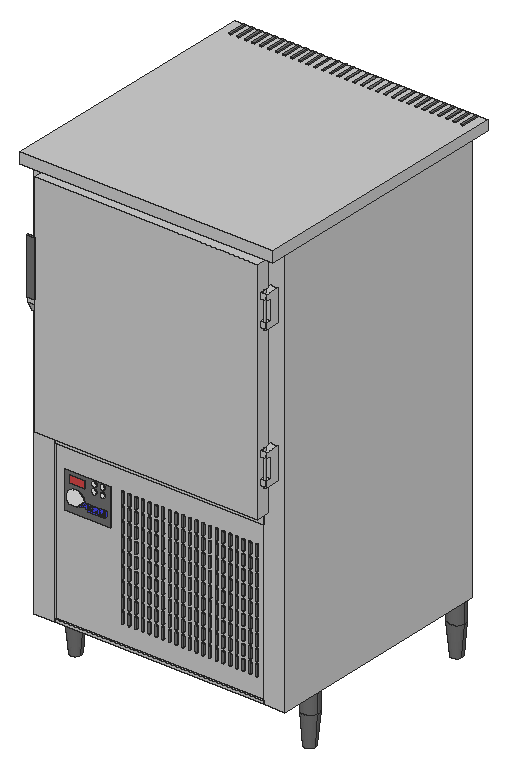
Revit family "QF_ACFRI_RS25-RL.190709092719", category Specialty Equipment, Revit 2016 (continued)
Definition of nested family "QF_ACFRI_RS25-RL_230V_1Ph_50Hz"
  Forms (mm)
    Extrusion 5, solid
      sketch origin (0, -746.05, -119.991) x (1, 0, 0) y (0, 0, 1)
        loop
          line (561.229, 494.546) -> (561.229, 467.546)
          arc (561.229, 467.546) -> (564.729, 464.046) -> (568.229, 467.546) r 3.5
          line (568.229, 467.546) -> (568.229, 494.546)
          arc (568.229, 494.546) -> (564.729, 498.046) -> (561.229, 494.546) r 3.5
        loop
          line (581.229, 494.546) -> (581.229, 467.546)
          arc (581.229, 467.546) -> (584.729, 464.046) -> (588.229, 467.546) r 3.5
          line (588.229, 467.546) -> (588.229, 494.546)
          arc (588.229, 494.546) -> (584.729, 498.046) -> (581.229, 494.546) r 3.5
        loop
          line (601.229, 494.546) -> (601.229, 467.546)
          arc (601.229, 467.546) -> (604.729, 464.046) -> (608.229, 467.546) r 3.5
          line (608.229, 467.546) -> (608.229, 494.546)
          arc (608.229, 494.546) -> (604.729, 498.046) -> (601.229, 494.546) r 3.5
        loop
          line (621.229, 494.546) -> (621.229, 467.546)
          arc (621.229, 467.546) -> (624.729, 464.046) -> (628.229, 467.546) r 3.5
          line (628.229, 467.546) -> (628.229, 494.546)
          arc (628.229, 494.546) -> (624.729, 498.046) -> (621.229, 494.546) r 3.5
        loop
          line (641.229, 494.546) -> (641.229, 467.546)
          arc (641.229, 467.546) -> (644.729, 464.046) -> (648.229, 467.546) r 3.5
          line (648.229, 467.546) -> (648.229, 494.546)
          arc (648.229, 494.546) -> (644.729, 498.046) -> (641.229, 494.546) r 3.5
        loop
          line (661.229, 494.546) -> (661.229, 467.546)
          arc (661.229, 467.546) -> (664.729, 464.046) -> (668.229, 467.546) r 3.5
          line (668.229, 467.546) -> (668.229, 494.546)
          arc (668.229, 494.546) -> (664.729, 498.046) -> (661.229, 494.546) r 3.5
      from 0 to 2
    Extrusion 6, solid
      sketch origin (-327.449, -51.57, -49) x (1, 0, 0) y (0, 0, 1)
        loop
          circle (377.449, 99) r 5
      from 0 to 5
    Extrusion 7, solid
      sketch origin (686.444, 0, -150) x (0, 1, 0) y (0, 0, 1)
        loop
          line (-56.57, 1373.957) -> (-752.05, 1373.957) -> (-752.05, 150) -> (-56.57, 150) -> (-56.57, 1373.957)
      from 3.267 to 65.187
    Extrusion 8, solid
      sketch origin (0, 0, -51) x (0, 1, 0) y (0, 0, 1)
        loop
          line (-752.05, 1274.957) -> (-752.05, 1228.517) -> (-126.332, 1228.517) -> (-126.332, 593.419) -> (-752.05, 593.419) -> (-752.05, 531.284) -> (-747.05, 531.284) -> (-747.05, 61) -> (-752.05, 61) -> (-752.05, 51) -> (-56.57, 51) -> (-56.57, 1274.957) -> (-752.05, 1274.957)
      from 65.187 to 689.711
  Lines and regions (mm)
    symbolic lines
      curve 1: line (0, 0, 0) -> (755, 0, 0)
      curve 2: line (0, -800, 0) -> (0, 0, 0)
      curve 3: line (755, -800, 0) -> (0, -800, 0)
      curve 4: line (755, 0, 0) -> (755, -800, 0)
  Dimensions and locks
    plane 3 "Left" to plane 4 "Right" = 755 mm
    plane 5 "Front" to plane 1 "Back" = 800 mm
    plane 6 "Top" to level = 1254.917 mm
    aligned and locked: level to plane 2
  Connectors
    electrical at (50, -51.57, 50)
      settings: on Extrusion 6, index 1, voltage 0 V, apparent load 0 VA, apparent load phase1 0 VA, apparent load phase2 0 VA, apparent load phase3 0 VA, power factor 1, load classification none, number of poles 1, system type 31, power factor state 1, is connector primary yes, connector utility no, sub classification motor no, connector description "Electrical connection"
Definition of nested family "QF_ACFRI_RS25_30_40_DOOR_RX"
  Parameters (values of type "RS25_30_40_DOOR_RX")
    URL catalogue [instance] = ""
    URL = "www.acfri.com"
    Status [instance] = ""
    Spécification technique [instance] = ""
    Spécification du Fabricant [instance] = ""
    Spécification de l'Utilisateur [instance] = ""
    Show Logo [instance] = yes
    Show Clearance [instance] = yes
    SMACNA No spécifique pour les matériaux  Etats Unis [instance] = ""
    Quantité par lot [instance] = no
    Profondeur hors tout [instance] = 40 mm
    Poids net à vide [instance] = 0.00 kg
    Numéro de Série [instance] = ""
    Nombre d'identification NAFEM [instance] = ""
    Model = "RS25_30_40_DOOR_RX"
    Manufacturer = "ACFRI"
    Longueur hors tout [instance] = 699 mm
    Installé Par [instance] = ""
    Identifiant Equipement [instance] = no
    Hauteur hors tout [instance] = 680 mm
    Fournis Par [instance] = ""
    Description = "PORTE AVEC OUVERTURE DROITE"
    Cost = 0
    Code de Révision [instance] = ""
    Classification dans le projet [instance] = ""
    Classement sismique [instance] = ""
    Assembly Code = "E1090320"
    Accessoires [instance] = yes
  Reference planes
    plane 1 "Back": y = 0
    plane 2: z = 0
    plane 3 "Left": x = 0
    plane 4 "Right": x = 755
    plane 5 "Front": y = -800
    plane 6 "Top": z = 1254.917
  Forms (mm)
    Extrusion 1, solid
      sketch origin (0, -100, 372.879) x (1, 0, 0) y (0, 0, 1)
        loop
          line (44.706, 830.129) -> (44.706, 149.234) -> (710.163, 149.234) -> (710.163, 830.129) -> (44.706, 830.129)
      from 662.15 to 699.95
    Extrusion 2, solid
      sketch origin (0, -100, 372.879) x (0, 1, 0) y (0, 0, 1)
        loop
          line (-693, 736.96) -> (-678, 736.96) -> (-678, 677.386) -> (-693, 677.386) -> (-693, 660.173) -> (-652, 660.173) -> (-652, 754.173) -> (-693, 754.173) -> (-693, 736.96)
      from 711.246 to 729.246
    Extrusion 3, solid
      sketch origin (0, -100, 372.879) x (1, 0, 0) y (0, 1, 0)
        loop
          circle (720.083, -687.465) r 3
      from 656.173 to 760.173
    Extrusion 4, solid
      sketch origin (0, -100, -49.121) x (0, 1, 0) y (0, 0, 1)
        loop
          line (-693, 736.96) -> (-678, 736.96) -> (-678, 677.386) -> (-693, 677.386) -> (-693, 660.173) -> (-652, 660.173) -> (-652, 754.173) -> (-693, 754.173) -> (-693, 736.96)
      from 711.246 to 729.246
    Extrusion 5, solid
      sketch origin (0, -100, -49.121) x (1, 0, 0) y (0, 1, 0)
        loop
          circle (720.083, -687.465) r 3
      from 656.173 to 760.173
    Extrusion 6, solid
      sketch origin (1239.958, -61.439, 275) x (0, -1, 0) y (0, 0, 1)
        loop
          line (690.561, 693.865) -> (690.561, 557.787) -> (720.711, 557.787) -> (734.263, 585.818) -> (734.263, 665.818) -> (720.711, 693.865) -> (690.561, 693.865)
      from 1195.252 to 1218.714
    Extrusion 7, solid
      sketch origin (1239.958, -61.439, 275) x (0, -1, 0) y (0, 0, 1)
        loop
          line (734.263, 766.818) -> (734.263, 600.329) -> (738.561, 600.329) -> (738.561, 766.818) -> (734.263, 766.818)
      from 1195.252 to 1218.714
    Extrusion 8, solid, visible <- "Show Clearance", detail levels coarse
      sketch origin (0, -100, 372.879) x (1, 0, 0) y (0, 1, 0)
        loop
          line (720.246, -700) -> (21.244, -700)
          arc (21.244, -700) -> (212.032, -1179.918) -> (680.246, -1397.856) r 699.001
          line (680.246, -1397.856) -> (720.246, -1397.856) -> (720.246, -700)
      from 149.234 to 830.129
  Lines and regions (mm)
    symbolic lines, visible <- "Show Clearance"
      curve 1: arc (21.244, -800, 0) -> (212.032, -1279.918, 0) -> (680.246, -1497.856, 0) r 699.001
      curve 2: line (720.246, -1497.856, 0) -> (720.246, -800, 0)
      curve 3: line (680.246, -1497.856, 0) -> (680.246, -800, 0)
      curve 4: line (680.246, -1497.856, 0) -> (720.246, -1497.856, 0)
  Dimensions and locks
    plane 3 "Left" to plane 4 "Right" = 755 mm
    plane 5 "Front" to plane 1 "Back" = 800 mm
    plane 6 "Top" to level = 1254.917 mm
    aligned and locked: level to plane 2
Definition of nested family "QF_ACFRI_RS12_15_20_LEGS"
  Parameters (values of type "RS12_15_20_LEGS")
    URL catalogue [instance] = ""
    URL = "www.acfri.com"
    Status [instance] = ""
    Spécification technique [instance] = ""
    Spécification du Fabricant [instance] = ""
    Spécification de l'Utilisateur [instance] = ""
    Show Logo [instance] = yes
    Show Clearance [instance] = yes
    SMACNA No spécifique pour les matériaux  Etats Unis [instance] = ""
    Quantité par lot [instance] = no
    Profondeur hors tout [instance] = 700 mm
    Poids net à vide [instance] = 0.00 kg
    Numéro de Série [instance] = ""
    Nombre d'identification NAFEM [instance] = ""
    Model = "RS12_15_20_LEGS"
    Manufacturer = "ACFRI"
    Longueur hors tout [instance] = 755 mm
    Installé Par [instance] = ""
    Identifiant Equipement [instance] = no
    Hauteur hors tout [instance] = 150 mm
    Fournis Par [instance] = ""
    Description = "JAMBES STANDARD"
    Cost = 0
    Code de Révision [instance] = ""
    Classification dans le projet [instance] = ""
    Classement sismique [instance] = ""
    Assembly Code = "E1090320"
    Accessoires [instance] = yes
  Reference planes
    plane 1 "Back": y = 0
    plane 2: z = 0
    plane 3 "Left": x = 0
    plane 4 "Right": x = 755
    plane 5 "Front": y = -700
    plane 6 "Top": z = 150
  Forms (mm)
    Revolve 1, solid
      sketch origin (0, -81.07, 0) x (1, 0, 0) y (0, 0, 1)
        loop
          line (27.767, 150) -> (27.767, 0) -> (43.973, 0) -> (52.267, 93.06) -> (52.267, 150) -> (27.767, 150)
        axis (27.767, 150) -> (27.767, 0)
      angle from 0 to 360
    Revolve 2, solid
      sketch origin (699.364, -81.07, 0) x (1, 0, 0) y (0, 0, 1)
        loop
          line (27.767, 150) -> (27.767, 0) -> (43.973, 0) -> (52.267, 93.06) -> (52.267, 150) -> (27.767, 150)
        axis (27.767, 150) -> (27.767, 0)
      angle from 0 to 360
    Revolve 3, solid
      sketch origin (0, -627.5, 0) x (1, 0, 0) y (0, 0, 1)
        loop
          line (27.767, 150) -> (27.767, 0) -> (43.973, 0) -> (52.267, 93.06) -> (52.267, 150) -> (27.767, 150)
        axis (27.767, 150) -> (27.767, 0)
      angle from 0 to 360
    Revolve 4, solid
      sketch origin (699.364, -627.5, 0) x (1, 0, 0) y (0, 0, 1)
        loop
          line (27.767, 150) -> (27.767, 0) -> (43.973, 0) -> (52.267, 93.06) -> (52.267, 150) -> (27.767, 150)
        axis (27.767, 150) -> (27.767, 0)
      angle from 0 to 360
  Dimensions and locks
    plane 3 "Left" to plane 4 "Right" = 755 mm
    plane 5 "Front" to plane 1 "Back" = 700 mm
    plane 6 "Top" to level = 150 mm
    aligned and locked: level to plane 2
Definition of nested family "QF_ACFRI_RS25_30_40-CP"
  Parameters (values of type "RS25_30_40-CP")
    URL catalogue [instance] = ""
    URL = "www.acfri.com"
    Status [instance] = ""
    Spécification technique [instance] = ""
    Spécification du Fabricant [instance] = ""
    Spécification de l'Utilisateur [instance] = ""
    Show Logo [instance] = yes
    Show Clearance [instance] = yes
    SMACNA No spécifique pour les matériaux  Etats Unis [instance] = ""
    Quantité par lot [instance] = no
    Profondeur hors tout [instance] = 2 mm
    Poids net à vide [instance] = 0.00 kg
    Numéro de Série [instance] = ""
    Nombre d'identification NAFEM [instance] = ""
    Model = "CP"
    Manufacturer = "ACFRI"
    Longueur hors tout [instance] = 135 mm
    Installé Par [instance] = ""
    Identifiant Equipement [instance] = no
    Hauteur hors tout [instance] = 110 mm
    Fournis Par [instance] = ""
    Description = "PANNEAU DE COMMANDE STANDARD"
    Cost = 0
    Code de Révision [instance] = ""
    Classification dans le projet [instance] = ""
    Classement sismique [instance] = ""
    Assembly Code = "E1090320"
    Accessoires [instance] = yes
  Reference planes
    plane 1 "Back": y = 0
    plane 2: z = 0
    plane 3 "Left": x = 0
    plane 4 "Right": x = 755
    plane 5 "Front": y = -800
    plane 6 "Top": z = 1255
  Forms (mm)
    Extrusion 1, solid
      sketch origin (0, -746, -39.477) x (1, 0, 0) y (0, 0, 1)
        loop
          line (93.554, 456.477) -> (93.554, 347.31) -> (228.354, 347.31) -> (228.354, 456.477) -> (93.554, 456.477)
      from 0 to 2
    Extrusion 2, solid
      sketch origin (0, -746, -39.477) x (1, 0, 0) y (0, 0, 1)
        loop
          line (108.554, 446.477) -> (108.554, 426.477) -> (153.209, 426.477) -> (153.209, 446.477) -> (108.554, 446.477)
      from 0 to 2.5
    Extrusion 3, solid
      sketch origin (0, -746, -39.477) x (1, 0, 0) y (0, 0, 1)
        loop
          circle (180.595, 446.477) r 7.041
        loop
          circle (205.595, 446.477) r 6.977
        loop
          circle (180.595, 426.477) r 6.969
        loop
          circle (205.595, 426.477) r 6.966
      from 0 to 2.5
    Extrusion 4, solid, visible <- "Show Logo"
      sketch origin (0, -746, -39.477) x (1, 0, 0) y (0, 0, 1)
        loop
          arc (151.176, 389.128) -> (113.283, 410.215) -> (105.005, 367.647) r 26.786
          line (105.005, 367.647) -> (129.695, 367.647) -> (151.176, 389.128)
      from 0 to 2.5
    Extrusion 5, solid, visible <- "Show Logo"
      sketch origin (0, -746, -39.477) x (1, 0, 0) y (0, 0, 1)
        loop
          line (137.376, 372.576) -> (143.877, 372.576) -> (156.132, 384.832) -> (156.132, 379.832) -> (152.402, 379.832) -> (149.546, 376.976) -> (156.132, 376.976) -> (156.132, 372.576) -> (160.352, 372.576) -> (160.352, 387.576) -> (152.376, 387.576) -> (137.376, 372.576)
        loop
          line (161.81, 372.576) -> (170.216, 372.576) -> (175.423, 376.645) -> (167.48, 376.645) -> (167.48, 383.463) -> (176.07, 383.463) -> (181.335, 387.576) -> (166.704, 387.576) -> (161.81, 383.752) -> (161.81, 372.576)
        loop
          line (177.48, 372.576) -> (183.63, 372.576) -> (183.63, 377.576) -> (187.087, 377.576) -> (191.493, 381.273) -> (183.63, 381.273) -> (183.63, 383.421) -> (192.217, 383.421) -> (197.534, 387.576) -> (183.178, 387.576) -> (177.48, 382.794) -> (177.48, 372.576)
        loop
          line (192.329, 372.576) -> (198.443, 372.576) -> (198.443, 377.835) -> (205.681, 372.576) -> (209.279, 372.576) -> (209.279, 376.027) -> (206.884, 378.036) -> (209.279, 379.907) -> (209.279, 387.576) -> (199.004, 387.576) -> (192.329, 381.975) -> (192.329, 372.576)
        loop
          line (198.443, 383.421) -> (198.443, 381.273) -> (203.737, 381.273) -> (203.737, 383.421) -> (198.443, 383.421)
        loop
          line (210.531, 372.576) -> (216.277, 372.576) -> (216.277, 387.576) -> (210.531, 383.086) -> (210.531, 372.576)
        loop
          line (161.81, 371.199) -> (161.81, 366.993) -> (210.016, 366.993) -> (216.252, 371.199) -> (161.81, 371.199)
      from 0 to 2.5
  Dimensions and locks
    plane 3 "Left" to plane 4 "Right" = 755 mm
    plane 5 "Front" to plane 1 "Back" = 800 mm
    plane 6 "Top" to level = 1255 mm
    aligned and locked: level to plane 2
